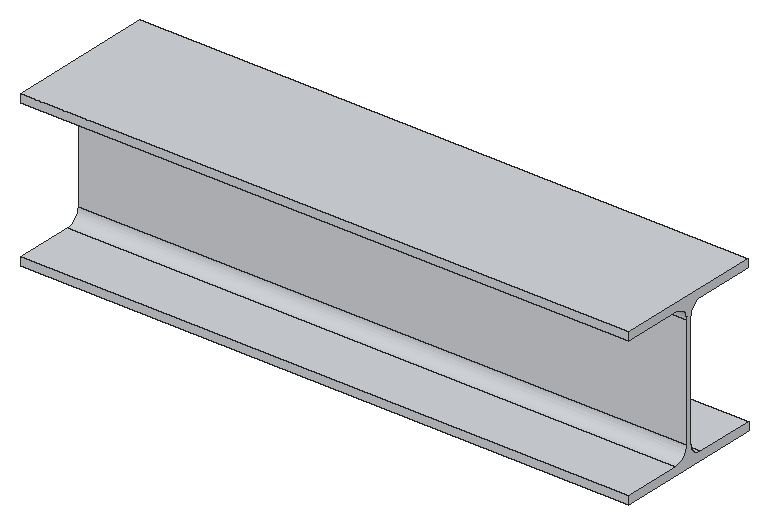
Revit family "StructuralFraming_IProfile", category Structural Framing, Revit 2018
Family settings
  Structural Framing Length Roundoff = 1 mm
  Section Shape = I-shape Parallel Flange
  Material for Model Behavior = Steel
  Always export as geometry = No
  Always vertical = Yes
  Cut with Voids When Loaded = No
  Symbolic Representation = From Project Settings
  Shared = No
  Show family pre-cut in plan views = Yes
Parameters (values of type "IProfile")
  Width = 300 mm
  Web Toe of Fillet = 0 mm
  Web Thickness = 9 mm
  Web Fillet = 27 mm
  Warping Constant = (empty or 0)
  Torsional Moment of Inertia = 0 cm⁴
  Torsional Modulus = 0 cm³
  Structural Material [instance] = none
  Shear Area weak axis = 0.0 cm²
  Shear Area strong axis = 0.0 cm²
  Section Area = 0.0 cm²
  Principal Axes Angle = 0.00°
  Plastic Modulus weak axis = 0 cm³
  Plastic Modulus strong axis = 0 cm³
  Perimeter = (empty or 0)
  Nominal Weight = 0 N/m
  Moment of Inertia weak axis = 0 cm⁴
  Moment of Inertia strong axis = 0 cm⁴
  Height = 310 mm
  Flange Toe of Fillet = 0 mm
  Flange Thickness = 16 mm
  Elastic Modulus weak axis = 0 cm³
  Elastic Modulus strong axis = 0 cm³
  Clear Web Height = 0 mm
  Centroid Vertical = 0 mm
  Centroid Horizontal = 0 mm
  Bolt Spacing = 0 mm
  built-in parameter 1005539 = (empty or 0)
  Assembly Code = ""
  Length [instance] = 1500 mm
Reference planes
  plane 1 "Center (Front/Back)": y = 0
  plane 2: z = 0
  plane 3 "Center (Left/Right)": x = 4.61
  plane 4 "Member Left": x = -604.99
  plane 5 "Member Right": x = 614.21
  plane 6: y = 150
  plane 7: y = -150
  plane 8 "Top": z = 155
  plane 9: z = -155
  plane 10 "Right": x = 766.61
  plane 11 "Left": x = -733.39
Forms (mm)
  Sweep 1, solid, material <- "Structural Material", detail levels fine
    path origin (0, 0, 0) x (1, 0, 0) y (0, 1, 0)
      loop
        line (614.21, 0) -> (-604.99, 0)
    profile "IProfile-Fine : IProfile-Fine" origin (4.61, 0, 0) x (0, -1, 0) y (0, 0, 1)
      loop
        line (-150, -155) -> (150, -155) -> (150, -139) -> (31.5, -139)
        arc (31.5, -139) -> (12.408, -131.092) -> (4.5, -112) r 27
        line (4.5, -112) -> (4.5, 112)
        arc (4.5, 112) -> (12.408, 131.092) -> (31.5, 139) r 27
        line (31.5, 139) -> (150, 139) -> (150, 155) -> (-150, 155) -> (-150, 139) -> (-31.5, 139)
        arc (-31.5, 139) -> (-12.408, 131.092) -> (-4.5, 112) r 27
        line (-4.5, 112) -> (-4.5, -112)
        arc (-4.5, -112) -> (-12.408, -131.092) -> (-31.5, -139) r 27
        line (-31.5, -139) -> (-150, -139) -> (-150, -155)
  Sweep 2, solid, material <- "Structural Material", detail levels medium
    path origin (0, 0, 0) x (1, 0, 0) y (0, 1, 0)
      loop
        line (614.21, 0) -> (-604.99, 0)
    profile "IProfile-Medium : IProfile-Medium" origin (4.61, 0, 0) x (0, -1, 0) y (0, 0, 1)
      loop
        line (-150, -155) -> (150, -155) -> (150, -139) -> (4.5, -139) -> (4.5, 139) -> (150, 139) -> (150, 155) -> (-150, 155) -> (-150, 139) -> (-4.5, 139) -> (-4.5, -139) -> (-150, -139) -> (-150, -155)
Lines and regions (mm)
  symbolic lines, style "Hidden Faces", detail levels medium+fine
    curve 1: line (614.21, -6.5, 0) -> (-604.99, -6.5, 0)
    curve 2: line (614.21, 6.5, 0) -> (-604.99, 6.5, 0)
  symbolic lines, style "Stick Symbols", detail levels coarse
    curve 3: line (4.61, 150, 155) -> (4.61, -150, 155)
    curve 4: line (4.61, -150, -155) -> (4.61, 150, -155)
    curve 5: line (4.61, 0, -155) -> (4.61, 0, 155)
Dimensions and locks
  "Width": plane 6 to plane 7
  "Height": plane 9 to plane 8 "Top"
  equal spacing: plane 9, plane 2, plane 8 "Top"
  equal spacing: plane 6, plane 1 "Center (Front/Back)", plane 7
  "Length": plane 11 "Left" to plane 10 "Right"
  aligned and locked: Sweep 1 sketch curve to plane 1 "Center (Front/Back)"
  aligned and locked: Sweep 2 sketch curve to plane 1 "Center (Front/Back)"
  aligned and locked: Sweep 2 to curve 3  (x2)
  aligned and locked: Sweep 2 to curve 4  (x2)
  aligned and locked: curve 3 to Sweep 2
  aligned and locked: curve 4 to Sweep 2
  aligned and locked: plane 4 "Member Left" to Sweep 1 sketch curve
  aligned and locked: plane 5 "Member Right" to Sweep 1 sketch curve
  aligned and locked: plane 4 "Member Left" to Sweep 2 sketch curve
  aligned and locked: plane 5 "Member Right" to Sweep 2 sketch curve
  aligned and locked: plane 4 "Member Left" to curve 1
  aligned and locked: plane 5 "Member Right" to curve 1
  aligned and locked: plane 4 "Member Left" to curve 2
  aligned and locked: plane 5 "Member Right" to curve 2
Automatic sketch dimensions
  plane 1 "Center (Front/Back)" to curve 1 = 6.5 mm
  curve 2 to plane 1 "Center (Front/Back)" = 6.5 mm
  curve 5 to plane 1 "Center (Front/Back)" = 0 mm
